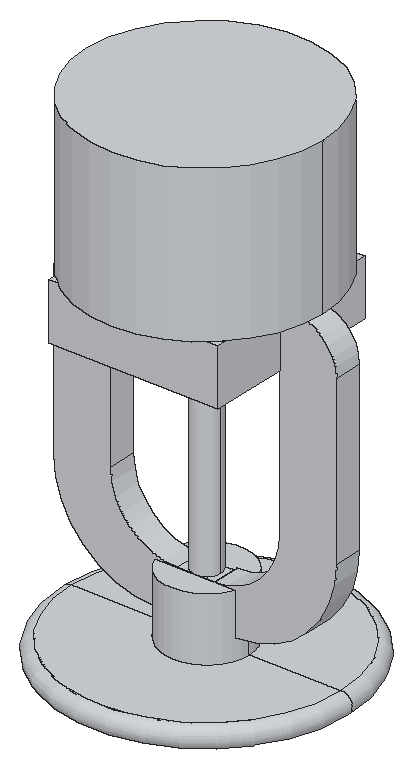
Revit family
Parameters (values of type "RASCO F1FR-EC PENDENT")
  Temperature Rating = 135 °F
  Response = 1
  RASCO SIN # = "R4842"
  RASCO Part # = "F1FREC0LC"
  Pressure Rating = "300 PSI"
  Pressure Class = 1
  Orifice Size = 17/32"
  Orifice = (empty or 0)
  Model = "F1FR"
  Manufacturer = "RASCO"
  K-Factor = 8
  Description = "Chrome Finish"
  Coverage = 1
Reference planes (in)
  plane 1 "Center (Front/Back)": y = 0
  plane 2: z = 0
  plane 3 "Center (Left/Right)": x = 0
Dimensions and locks (in)
  aligned and locked: plane 2 to level
Nested families (in)
  nested 1: "F1FRECOLC" at (-0.01148, -1.2509, 2.4375) x (-1, 0, 0) z (0, 0, -1), type "RASCO F1FR- EC PENDENT"
Connectors (in)
  piping at (-0.01148, -1.2509, 2.4375)
    settings: on nested 1, index 1, connector radius 17/32", flow factor 0, pipe flow 0 GPM, pressure drop 0.00 psi, fitting loss kfactor 0, connector angle 0.00°, fixture units 0, flow configuration 0, flow direction 0, fitting loss method 0, system type 7, connector reference index -1, connector utility 0, adjustable connector no, is connector primary yes, fitting loss table "", connector description ""
Definition of nested family "F1FRECOLC"
  Parameters (values of type "RASCO F1FR-300 PENDENT")
    Type Comments = ""
    Temperature Rating = 0 °F
    Response = (empty or 0)
    Pressure Rating = "0"
    Pressure Class = (empty or 0)
    Orifice Size = 0"
    Orifice = (empty or 0)
    Model = ""
    Manufacturer = ""
    K-Factor = 0
    Description = ""
    Coverage = (empty or 0)
    Assembly Code = ""
  Reference planes (in)
    plane 1 "Center (Front/Back)": y = 0
    plane 2: z = 0
    plane 3 "ref.2": z = 0.6875
    plane 4 "ref.3": z = 0.9375
    plane 5: x = -0.38065
    plane 6: x = 0.36935
    plane 7 "ref. side 1": y = 0.06402
    plane 8 "ref. side 2": y = -0.06098
    plane 9 "ref.4": z = 1.875
    plane 10 "ref.5": z = 2.3125
    plane 11 "ref.6": z = 2.4375
  Forms (in)
    Extrusion 1, solid
      sketch origin (0, 0, 0) x (1, 0, 0) y (0, 1, 0)
        loop
          circle (0, 0) r 0.5221
      from 0 to 0.6875
    Extrusion 2, solid
      sketch origin (-0.12185, 0.05177, 0.6875) x (1, 0, 0) y (0, 1, 0)
        loop
          line (-0.2588, 0.356) -> (-0.2588, -0.4565) -> (0.4912, -0.4565) -> (0.4912, 0.356) -> (-0.2588, 0.356)
      from 0 to 0.25
    Extrusion 3, solid
      sketch origin (0, 0, 0) x (1, 0, 0) y (0, 0, 1)
        loop
          line (-0.38065, 0.69674) -> (-0.38065, 1.58397)
          arc (-0.38065, 1.58397) -> (-0.29541, 1.78976) -> (-0.08962, 1.875) r 0.29103
          line (-0.08962, 1.875) -> (0.07524, 1.875)
          arc (0.07524, 1.875) -> (0.28321, 1.78886) -> (0.36935, 1.58089) r 0.29411
          line (0.36935, 1.58089) -> (0.36935, 0.69728)
          arc (0.36935, 0.69728) -> (0.54046, 0.72329) -> (0.61935, 0.87734) r 0.18984
          line (0.61935, 0.87734) -> (0.61935, 1.61676)
          arc (0.61935, 1.61676) -> (0.48879, 1.93194) -> (0.17361, 2.0625) r 0.44574
          line (0.17361, 2.0625) -> (-0.18509, 2.0625)
          arc (-0.18509, 2.0625) -> (-0.50015, 1.932) -> (-0.63065, 1.61694) r 0.44556
          line (-0.63065, 1.61694) -> (-0.63065, 0.87876)
          arc (-0.63065, 0.87876) -> (-0.55196, 0.72414) -> (-0.38065, 0.69674) r 0.19126
      from -0.06402 to 0.06098
    Extrusion 4, solid
      sketch origin (0, 0, 0.9375) x (-1, 0, 0) y (0, -1, 0)
        loop
          circle (0.00574, -0.00152) r 0.0625
      from 0 to 0.9375
    Extrusion 5, solid
      sketch origin (0, 0, 1.875) x (-1, 0, 0) y (0, -1, 0)
        loop
          circle (0.00574, -0.00152) r 0.1875
      from 0 to 0.4375
    Revolve 6, solid
      sketch origin (0, 0, -0.2777) x (1, 0, 0) y (0, 0, 1)
        loop
          line (-0.19324, 2.43178) -> (-0.19324, 2.52696) -> (-0.60258, 2.52696)
          arc (-0.60258, 2.52696) -> (-0.65017, 2.47937) -> (-0.60258, 2.43178) r 0.04759
          line (-0.60258, 2.43178) -> (-0.19324, 2.43178)
        axis (-0.00574, 2.43178) -> (-0.00574, 2.52696)
      angle from 0 to 360
  Cuts and joins
    joined: Extrusion 1, Extrusion 2, Extrusion 4, Revolve 6
  Lines and regions (in)
    model lines
      curve 1: line (-0.00574, 0.06402, 1.875) -> (-0.00574, -0.06098, 1.875)
  Dimensions and locks (in)
    Extrusion 3 to Extrusion 3 = 0' - 1 1/4"
    Extrusion 5 to cut or joined group of Extrusion 1, Extrusion 2, Extrusion 4, Revolve 6 = 0' - 2 5/16"
